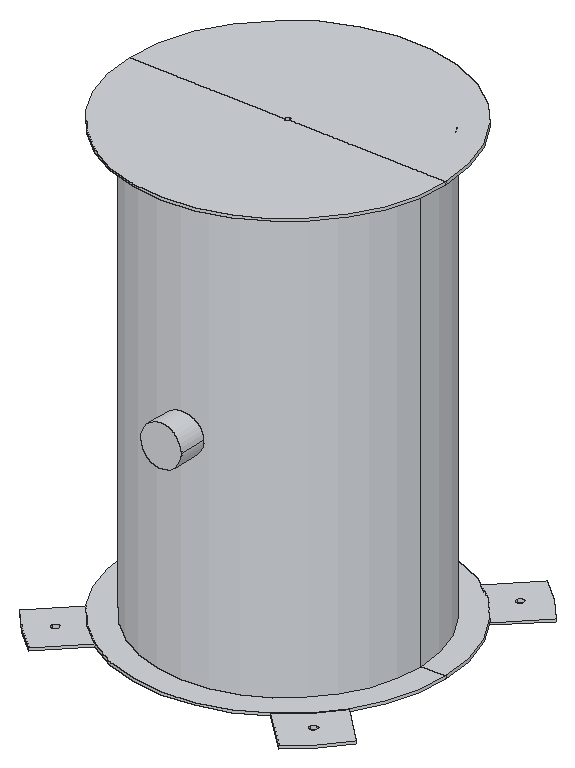
Revit family "AFD-C_Upblast_Floor_Mount", category Mechanical Equipment, Revit 2019
Family settings
  Round Connector Dimension = Use Radius
  Part Type = Normal
  Work Plane-Based = No
  Always vertical = Yes
  Cut with Voids When Loaded = No
  Shared = No
  Room Calculation Point = No
Parameters (values of type "12_AFD-C_UPBLAST_FLOOR")
  Unit Weight [instance] = ""
  ModelID [instance] = ""
  L/2 = L / 2  # 0' - 6 3/8"
  L = 1' - 0 3/4"
  K/2 = K / 2  # 0' - 0 3/16"
  K = 0' - 0 3/8"
  J/2 = J / 2  # 0' - 9 1/32"
  Accessories [instance] = ""
  45 = 45.00°  # constant formula
  (L-1")/2 = (L - 0' 1") / 2  # 0' - 5 7/8"
  (J+(J-A))/2 = (J + ((J - A) / 2)) / 2  # 0' - 10 21/64"
  J = 1' - 6 1/16"
  CENTER = 0' - 0"  # constant formula
  H-(A/2) = H - (A / 2)  # 1' - 6 3/16"
  H+J = H + CENTER  # 2' - 0 5/8"
  H = 2' - 0 5/8"
  Sones [instance] = ""
  Motor RPM [instance] = ""
  Motor Enclosure [instance] = ""
  LwA [instance] = ""
  G = 6' - 0"
  Fan RPM [instance] = ""
  F/2 = F / 2  # 0' - 0 5/32"
  F = 0' - 0 5/16"
  E/2 = E / 2  # 0' - 11"
  E-2" = E - 0' 2"  # 1' - 8"
  E = 1' - 10"
  C/2+J = C / 2 + CENTER  # 0' - 7 5/16"
  C/2 = C / 2  # 0' - 7 5/16"
  C = 1' - 2 5/8"
  B/2 = B / 2  # 0' - 7 13/16"
  B = 1' - 3 5/8"
  A/3 = A / 2.5  # 0' - 5.15"
  A/2 = A / 2  # 0' - 6 7/16"
  A = 1' - 0 7/8"
  60 = 60.00°  # constant formula
  30 = 30.00°  # constant formula
  3" = 0' - 3"  # constant formula
  Brake Hp [instance] = ""
  4" = 0' - 4"  # constant formula
  2' = 2' - 0"
  2" = 0' - 2"  # constant formula
  1" = 0' - 1"  # constant formula
  0 = 0' - 0"  # constant formula
  Voltage [instance] = 0 V
  URL = "www.lorencook.com"
  Type Comments = "Tube Axial Fan Upblast Floor Mount Direct Drive Arrangement 4"  # constant formula
  Static Pressure [instance] = 0.00 in-wg
  Power [instance] = Voltage * Motor FLA * sqrt(if(Phase = 3, 3, 1))  # 0 VA
  Phase [instance] = 0
  Number of Poles [instance] = 1
  Motor Hp [instance] = "0"
  Motor FLA [instance] = 0 A
  Model = "AFD-C"  # constant formula
  Manufacturer = "Loren Cook Company"
  CFM [instance] = 0 CFM
  1.5 = 0' - 1 1/2"  # constant formula
  ONE EIGTH = 0' - 0 1/8"  # constant formula
  -E/2 = -E / 2  # -0' - 11"
  -(E-.25")/2 = -(E - 0' 0 1/4") / 2  # -0' - 10 7/8"
  (K/2)-((J-A-.25")/2) = (K / 2) - ((J - A - 0' 0 1/4") / 2)  # -0' - 2 9/32"
  (J-A-.25") = (J - A - 0' 0 1/4")  # 0' - 4 15/16"
  (H-(A/2))/2 = (H - (A / 2)) / 2  # 0' - 9 3/32"
  (E-.25")/2 = (E - 0' 0 1/4") / 2  # 0' - 10 7/8"
  (A+.25")/2 = (A + 0' 0 1/4") / 2  # 0' - 6 9/16"
Types (12): name | L/2 | L | K/2 | K | J/2 | (L-1")/2 | (J+(J-A))/2 | J | H-(A/2) | H+J | H | G | F/2 | F | E/2 | E-2" | E | C/2+J | C/2 | C | B/2 | B | A/3 | A/2 | A | -E/2 | -(E-.25")/2 | (K/2)-((J-A-.25")/2) | (J-A-.25") | (H-(A/2))/2 | (E-.25")/2 | (A+.25")/2
  (no name) | 0' - 6 3/8" | 1' - 0 3/4" | 0' - 0 3/16" | 0' - 0 3/8" | 0' - 9 1/32" | 0' - 5 7/8" | 0' - 10 21/64" | 1' - 6 1/16" | 1' - 6 3/16" | 2' - 0 5/8" | 2' - 0 5/8" | 6' - 0" | 0' - 0 5/32" | 0' - 0 5/16" | 0' - 11" | 1' - 8" | 1' - 10" | 0' - 7 5/16" | 0' - 7 5/16" | 1' - 2 5/8" | 0' - 7 13/16" | 1' - 3 5/8" | 0' - 5.15" | 0' - 6 7/16" | 1' - 0 7/8" | -0' - 11" | -0' - 10 7/8" | -0' - 2 9/32" | 0' - 4 15/16" | 0' - 9 3/32" | 0' - 10 7/8" | 0' - 6 9/16"
  12_AFD-C_UPBLAST_FLOOR | 0' - 6 3/8" | 1' - 0 3/4" | 0' - 0 3/16" | 0' - 0 3/8" | 0' - 9 1/32" | 0' - 5 7/8" | 0' - 10 21/64" | 1' - 6 1/16" | 1' - 6 3/16" | 2' - 0 5/8" | 2' - 0 5/8" | 6' - 0" | 0' - 0 5/32" | 0' - 0 5/16" | 0' - 11" | 1' - 8" | 1' - 10" | 0' - 7 5/16" | 0' - 7 5/16" | 1' - 2 5/8" | 0' - 7 13/16" | 1' - 3 5/8" | 0' - 5.15" | 0' - 6 7/16" | 1' - 0 7/8" | -0' - 11" | -0' - 10 7/8" | -0' - 2 9/32" | 0' - 4 15/16" | 0' - 9 3/32" | 0' - 10 7/8" | 0' - 6 9/16"
  16_AFD-C_UPBLAST_FLOOR | 0' - 7 13/16" | 1' - 3 5/8" | 0' - 0 3/16" | 0' - 0 3/8" | 0' - 11 1/32" | 0' - 7 5/16" | 1' - 0 21/64" | 1' - 10 1/16" | 1' - 9 11/16" | 2' - 6 1/8" | 2' - 6 1/8" | 6' - 0" | 0' - 0 5/32" | 0' - 0 5/16" | 1' - 0 1/2" | 1' - 11" | 2' - 1" | 0' - 9 5/16" | 0' - 9 5/16" | 1' - 6 5/8" | 0' - 9 13/16" | 1' - 7 5/8" | 0' - 6 3/4" | 0' - 8 7/16" | 1' - 4 7/8" | -1' - 0 1/2" | -1' - 0 3/8" | -0' - 2 9/32" | 0' - 4 15/16" | 0' - 10 27/32" | 1' - 0 3/8" | 0' - 8 9/16"
  18_AFD-C_UPBLAST_FLOOR | 0' - 8 1/2" | 1' - 5" | 0' - 0 3/16" | 0' - 0 3/8" | 1' - 0 1/32" | 0' - 8" | 1' - 1 21/64" | 2' - 0 1/16" | 1' - 9 11/16" | 2' - 7 1/8" | 2' - 7 1/8" | 6' - 0" | 0' - 0 5/32" | 0' - 0 5/16" | 1' - 0 1/2" | 1' - 11" | 2' - 1" | 0' - 10 5/16" | 0' - 10 5/16" | 1' - 8 5/8" | 0' - 10 13/16" | 1' - 9 5/8" | 0' - 7.55" | 0' - 9 7/16" | 1' - 6 7/8" | -1' - 0 1/2" | -1' - 0 3/8" | -0' - 2 9/32" | 0' - 4 15/16" | 0' - 10 27/32" | 1' - 0 3/8" | 0' - 9 9/16"
  24_AFD-C_UPBLAST_FLOOR | 0' - 10 7/8" | 1' - 9 3/4" | 0' - 0 3/16" | 0' - 0 3/8" | 1' - 3 13/32" | 0' - 10 3/8" | 1' - 4 57/64" | 2' - 6 13/16" | 2' - 3 7/16" | 3' - 3 7/8" | 3' - 3 7/8" | 6' - 0" | 0' - 0 7/32" | 0' - 0 7/16" | 1' - 3 1/2" | 2' - 5" | 2' - 7" | 1' - 1 7/16" | 1' - 1 7/16" | 2' - 2 7/8" | 1' - 2 9/16" | 2' - 5 1/8" | 0' - 9.95" | 1' - 0 7/16" | 2' - 0 7/8" | -1' - 3 1/2" | -1' - 3 3/8" | -0' - 2 21/32" | 0' - 5 11/16" | 1' - 1 23/32" | 1' - 3 3/8" | 1' - 0 9/16"
  28_AFD-C_UPBLAST_FLOOR | 1' - 0 5/16" | 2' - 0 5/8" | 0' - 0 3/16" | 0' - 0 3/8" | 1' - 5 13/32" | 0' - 11 13/16" | 1' - 6 57/64" | 2' - 10 13/16" | 2' - 3 7/16" | 3' - 5 7/8" | 3' - 5 7/8" | 6' - 0" | 0' - 0 7/32" | 0' - 0 7/16" | 1' - 3 1/2" | 2' - 5" | 2' - 7" | 1' - 3 7/16" | 1' - 3 7/16" | 2' - 6 7/8" | 1' - 4 9/16" | 2' - 9 1/8" | 0' - 11.55" | 1' - 2 7/16" | 2' - 4 7/8" | -1' - 3 1/2" | -1' - 3 3/8" | -0' - 2 21/32" | 0' - 5 11/16" | 1' - 1 23/32" | 1' - 3 3/8" | 1' - 2 9/16"
  32_AFD-C_UPBLAST_FLOOR | 1' - 2 1/8" | 2' - 4 1/4" | 0' - 0 7/32" | 0' - 0 7/16" | 1' - 7 31/32" | 1' - 1 5/8" | 1' - 9 45/64" | 3' - 3 15/16" | 2' - 4 3/4" | 3' - 9 1/4" | 3' - 9 1/4" | 6' - 0" | 0' - 0 7/32" | 0' - 0 7/16" | 1' - 5" | 2' - 8" | 2' - 10" | 1' - 5 1/2" | 1' - 5 1/2" | 2' - 11" | 1' - 6 5/8" | 3' - 1 1/4" | 1' - 1.2" | 1' - 4 1/2" | 2' - 9" | -1' - 5" | -1' - 4 7/8" | -0' - 3 1/8" | 0' - 6 11/16" | 1' - 2 3/8" | 1' - 4 7/8" | 1' - 4 5/8"
  36_AFD-C_UPBLAST_FLOOR | 1' - 3 17/32" | 2' - 7 1/16" | 0' - 0 7/32" | 0' - 0 7/16" | 1' - 9 31/32" | 1' - 3 1/32" | 1' - 11 45/64" | 3' - 7 15/16" | 2' - 4 3/4" | 3' - 11 1/4" | 3' - 11 1/4" | 6' - 0" | 0' - 0 7/32" | 0' - 0 7/16" | 1' - 5" | 2' - 8" | 2' - 10" | 1' - 7 1/2" | 1' - 7 1/2" | 3' - 3" | 1' - 8 11/16" | 3' - 5 3/8" | 1' - 2.8" | 1' - 6 1/2" | 3' - 1" | -1' - 5" | -1' - 4 7/8" | -0' - 3 1/8" | 0' - 6 11/16" | 1' - 2 3/8" | 1' - 4 7/8" | 1' - 6 5/8"
  44_AFD-C_UPBLAST_FLOOR | 1' - 6 3/8" | 3' - 0 3/4" | 0' - 0 7/32" | 0' - 0 7/16" | 2' - 2" | 1' - 5 7/8" | 2' - 3 3/4" | 4' - 4" | 3' - 0 1/4" | 4' - 10 3/4" | 4' - 10 3/4" | 12' - 0" | 0' - 0 7/32" | 0' - 0 7/16" | 1' - 9" | 3' - 4" | 3' - 6" | 1' - 11 3/4" | 1' - 11 3/4" | 3' - 11 1/2" | 2' - 0 11/16" | 4' - 1 3/8" | 1' - 6" | 1' - 10 1/2" | 3' - 9" | -1' - 9" | -1' - 8 7/8" | -0' - 3 5/32" | 0' - 6 3/4" | 1' - 6 1/8" | 1' - 8 7/8" | 1' - 10 5/8"
  48_AFD-C_UPBLAST_FLOOR | 1' - 8 3/16" | 3' - 4 3/8" | 0' - 0 7/32" | 0' - 0 7/16" | 2' - 4 9/16" | 1' - 7 11/16" | 2' - 6 9/16" | 4' - 9 1/8" | 3' - 0 3/16" | 5' - 0 3/4" | 5' - 0 3/4" | 12' - 0" | 0' - 0 7/32" | 0' - 0 7/16" | 1' - 9" | 3' - 4" | 3' - 6" | 2' - 1 13/16" | 2' - 1 13/16" | 4' - 3 5/8" | 2' - 2 3/4" | 4' - 5 1/2" | 1' - 7.65" | 2' - 0 9/16" | 4' - 1 1/8" | -1' - 9" | -1' - 8 7/8" | -0' - 3 21/32" | 0' - 7 3/4" | 1' - 6 3/32" | 1' - 8 7/8" | 2' - 0 11/16"
  54_AFD-C_UPBLAST_FLOOR | 1' - 10 1/2" | 3' - 9" | 0' - 0 7/32" | 0' - 0 7/16" | 2' - 7 13/16" | 1' - 10" | 2' - 9 7/8" | 5' - 3 5/8" | 2' - 0 1/16" | 4' - 3 3/4" | 4' - 3 3/4" | 12' - 0" | 0' - 0 7/32" | 0' - 0 7/16" | 1' - 9" | 3' - 4" | 3' - 6" | 2' - 4 13/16" | 2' - 4 13/16" | 4' - 9 5/8" | 2' - 6 3/8" | 5' - 0 3/4" | 1' - 10.15" | 2' - 3 11/16" | 4' - 7 3/8" | -1' - 9" | -1' - 8 7/8" | -0' - 3 25/32" | 0' - 8" | 1' - 0 1/32" | 1' - 8 7/8" | 2' - 3 13/16"
  60_AFD-C_UPBLAST_FLOOR | 2' - 0 17/32" | 4' - 1 1/16" | 0' - 0 7/32" | 0' - 0 7/16" | 2' - 10 11/16" | 2' - 0 1/32" | 3' - 0 11/16" | 5' - 9 3/8" | 2' - 0 1/16" | 4' - 6 3/4" | 4' - 6 3/4" | 12' - 0" | 0' - 1 1/2" | 0' - 3" | 1' - 9" | 3' - 4" | 3' - 6" | 2' - 7 13/16" | 2' - 7 13/16" | 5' - 3 5/8" | 2' - 9 3/8" | 5' - 6 3/4" | 2' - 0.55" | 2' - 6 11/16" | 5' - 1 3/8" | -1' - 9" | -1' - 8 7/8" | -0' - 3 21/32" | 0' - 7 3/4" | 1' - 0 1/32" | 1' - 8 7/8" | 2' - 6 13/16"
Reference planes (in)
  plane 1 "Center (Front/Back)": y = 0
  plane 2: z = 0
  plane 3 "Center (Left/Right)": x = 0.40541
Forms (in)
  Revolve 1, solid
    sketch origin (0, 0, 0) x (1, 0, 0) y (0, 0, 1)
      loop
        line (0.40541, -11) -> (8.21791, -11) -> (8.21791, -10.875) -> (6.96791, -10.875) -> (6.96791, 10.875) -> (8.21791, 10.875) -> (8.21791, 11) -> (0.40541, 11) -> (0.40541, -11)
      axis (0.40541, -11) -> (0.40541, 11)
    angle from 0 to 360
  Extrusion 2, void
    sketch origin (0, 0, 0) x (1, 0, 0) y (0, 1, 0)
      loop
        circle (0.40541, 0) r 0.125
    from -11 <- "-E/2" to 11 <- "E/2"
  Extrusion 3, solid
    sketch origin (0.40541, 0, -10.875) x (1, 0, 0) y (0, 1, 0)
      loop
        arc (-6.16499, 8.28631) -> (-7.30309, 7.30309) -> (-8.28631, 6.16499) r 10.32812
        line (-8.28631, 6.16499) -> (-6.48215, 4.36083)
        arc (-6.48215, 4.36083) -> (-5.52427, 5.52427) -> (-4.36083, 6.48215) r 7.8125
        line (-4.36083, 6.48215) -> (-6.16499, 8.28631)
      loop
        arc (6.16499, -8.28631) -> (7.30309, -7.30309) -> (8.28631, -6.16499) r 10.32812
        line (8.28631, -6.16499) -> (6.48215, -4.36083)
        arc (6.48215, -4.36083) -> (5.52427, -5.52427) -> (4.36083, -6.48215) r 7.8125
        line (4.36083, -6.48215) -> (6.16499, -8.28631)
      loop
        arc (-8.28631, -6.16499) -> (-7.30309, -7.30309) -> (-6.16499, -8.28631) r 10.32812
        line (-6.16499, -8.28631) -> (-4.36083, -6.48215)
        arc (-4.36083, -6.48215) -> (-5.52427, -5.52427) -> (-6.48215, -4.36083) r 7.8125
        line (-6.48215, -4.36083) -> (-8.28631, -6.16499)
      loop
        arc (8.28631, 6.16499) -> (7.30309, 7.30309) -> (6.16499, 8.28631) r 10.32812
        line (6.16499, 8.28631) -> (4.36083, 6.48215)
        arc (4.36083, 6.48215) -> (5.52427, 5.52427) -> (6.48215, 4.36083) r 7.8125
        line (6.48215, 4.36083) -> (8.28631, 6.16499)
    from 0 to -0.125
  Extrusion 4, void
    sketch origin (0, 0, 0) x (1, 0, 0) y (0, 1, 0)
      loop
        circle (6.78041, 6.375) r 0.1875
      loop
        circle (-5.96959, 6.375) r 0.1875
      loop
        circle (-5.96959, -6.375) r 0.1875
      loop
        circle (6.78041, -6.375) r 0.1875
    from 11 <- "E/2" to -11 <- "-E/2"
  Extrusion 5, solid
    sketch origin (0, 0, 0) x (1, 0, 0) y (0, 0, 1)
      loop
        circle (0.40541, 0) r 1
    from 0 to 7.8125 <- "B/2"
Cuts and joins
  Extrusion 2, Extrusion 4 cuts Revolve 1
  Extrusion 4 cuts Extrusion 3
Dimensions and locks (in)
  "0": Revolve 1 sketch curve to plane 3 "Center (Left/Right)"  (x2)
  "(A+.25")/2": Revolve 1 sketch curve to plane 3 "Center (Left/Right)"
  "B/2": Revolve 1 sketch curve to plane 3 "Center (Left/Right)"  (x2)
  "ONE EIGTH": Revolve 1 sketch curve to Revolve 1 sketch curve  (x2)
  "E": Revolve 1 sketch curve to Revolve 1 sketch curve
  "E/2": level to Revolve 1 sketch curve
  "0": Extrusion 2 sketch curve to plane 3 "Center (Left/Right)"
  "0": plane 1 "Center (Front/Back)" to Extrusion 2 sketch curve
  "0": Extrusion 3 sketch curve to plane 3 "Center (Left/Right)"  (x8)
  "0": Extrusion 3 sketch curve to plane 1 "Center (Front/Back)"  (x8)
  "1.5": plane 3 "Center (Left/Right)" to Extrusion 3 sketch curve  (x3)
  "3"": Extrusion 3 sketch curve to Extrusion 3 sketch curve  (x4)
  "1.5": Extrusion 3 sketch curve to plane 3 "Center (Left/Right)"
  "L/2": plane 3 "Center (Left/Right)" to Extrusion 4 sketch curve  (x4)
  "L/2": plane 1 "Center (Front/Back)" to Extrusion 4 sketch curve  (x4)
  "0": Extrusion 5 sketch curve to plane 3 "Center (Left/Right)"
  "0": Extrusion 5 sketch curve to level
  "ONE EIGTH": radius of Extrusion 2 sketch curve
  "(J+(J-A))/2": radius of Extrusion 3 sketch curve  (x4)
  "B/2": radius of Extrusion 3 sketch curve  (x4)
  "K/2": radius of Extrusion 4 sketch curve  (x4)
  "1"": radius of Extrusion 5 sketch curve
  "45": angle Extrusion 3 sketch curve to plane 3 "Center (Left/Right)"
  "45": angle Extrusion 3 sketch curve to plane 1 "Center (Front/Back)"  (x2)
  "45": angle plane 1 "Center (Front/Back)" to Extrusion 3 sketch curve
Automatic sketch dimensions
  Revolve 1 sketch curve to Revolve 1 sketch curve = 0' - 0"
  Revolve 1 sketch curve to Revolve 1 sketch curve = 1' - 6"
Connectors (in)
  hvac at (0.40541, 0, 10.875), driven by "A/2"
    settings: on Revolve 1, index 2, duct flow 0 CFM, flow factor 0, pres drop 0.00 in-wg, loss coef 0, conn angle 0.00°, conn width 12", conn height 12", conn diameter 12 7/8", duct sys type 29, conn prof type 0, flow config 0, flow direction 2, loss method 0, conn ref index -1, conn util no, is conn primary yes, conn desc ""
  hvac at (0.40541, 0, -11), driven by "A/2"
    settings: on cut or joined group of Revolve 1, Extrusion 2, Extrusion 4, index 4, duct flow 0 CFM, flow factor 0, pres drop 0.00 in-wg, loss coef 0, conn angle 0.00°, conn width 12", conn height 12", conn diameter 12 7/8", duct sys type 29, conn prof type 0, flow config 0, flow direction 1, loss method 0, conn ref index -1, conn util no, is conn primary no, conn desc ""
  electrical at (0.40541, -7.8125, 0)
    settings: on Extrusion 5, index 5, voltage 0 V, apparent load 0 VA, apparent load phase1 0 VA, apparent load phase2 0 VA, apparent load phase3 0 VA, power factor 1, load classification "Other", number of poles 1, system type 30, power factor state 1, is connector primary yes, connector utility no, sub classification motor no, connector description ""
